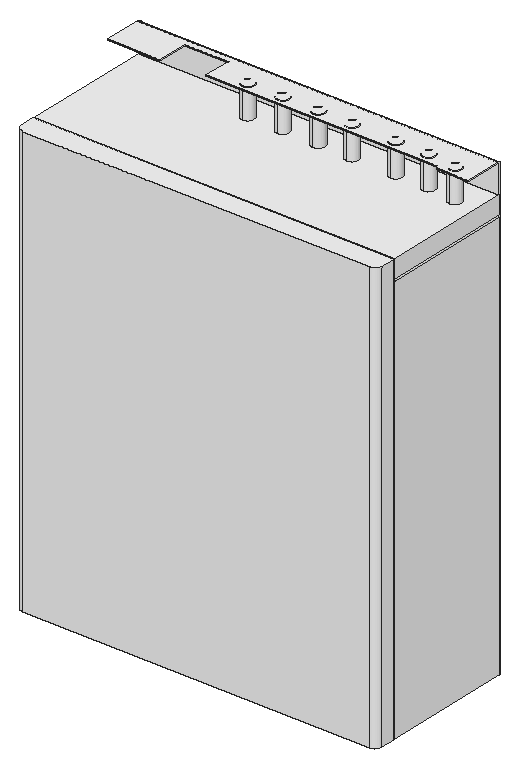
Revit family "NBS_HeatraeSadia_InstntnsWtrHtrsPckgdPltHeatExchngrs_Hi-MaxStoreHeatInterfaceUnit", category Plumbing Fixtures, Revit 2014
Parameters
  Width = 265.00 mm
  Weight = "25"
  WaterStorageCapacity = "0"
  WaterInletTemperatureRange = "n/a"
  WarrantyStartDate [instance] = "1900-12-31T23:59:59"
  WarrantyGuarantorParts = "n/a"
  WarrantyGuarantorLabor = "n/a"
  WarrantyDurationUnit = "year"
  WarrantyDurationParts = "2"
  WarrantyDurationLabor = "2"
  WarrantyDescription = "n/a"
  WFU = 0
  Version = "1"  # constant formula
  Uniclass2015Version = "Products v1.1"  # constant formula
  Uniclass2015Reference = "Pr_60_60_38_42"
  Uniclass2015Description = "Instantaneous plate heat exchangers"
  TagNumber [instance] = "n/a"
  SustainabilityPerformance = "n/a"
  Size = "845 x 620 x 220 mm"
  Shape = "n/a"
  SerialNumber [instance] = "n/a"
  SecondaryPeakFlowRate = "n/a"
  SecondaryOutlets = "n/a"
  SecondaryMedium = "Water"
  SecondaryFeed = "n/a"
  SafetyFeatures = "Central heating safety valve with tundish"
  Revision = "n/a"
  ReplacementCost = "n/a"
  Rating = "Heat exchanger: 13.40 kW"
  ProductInformation = "www.elsonhotwater.co.uk/documents/Heat_Interface_Units_-_Issue_2.pdf"
  PrimaryPressure = "n/a"
  PrimaryMedium = "Medium temperature hot water"
  PrimaryFlowRate = "575 L/hour"
  PressureRating = "3-10 bar"
  PartialLoadEfficiencyCurves = "n/a"
  PackageUnit = "Heat interface unit with plate heat exchanger and one heating zone"
  OutletTemperatureRange = "90"
  OperatingMode = "n/a"
  NominalWidth = 220.00 mm
  NominalPartLoadRatio = 0.00 mm
  NominalLength = 620.00 mm
  NominalHeight = 845.00 mm
  NominalEnergyConsumption = 0.00 mm
  NominalEfficiency = 0
  Name = "InstantaneousWaterHeatersPackagedPlateHeatExchangers_Hi-MaxStoreHeatInterfaceUnit-CB-1Z_HeatraeSadia"
  NBSTypeID = "n/a"
  NBSReference = "90-15-35/420"
  NBSOfficeMasterTag = "n/a"
  NBSNote = "n/a"
  NBSDescription = "Instantaneous water heaters, packaged plate heat exchangers"
  NBSCertification = "http://www.nationalbimlibrary.com/cert/40film3y"
  MountingHeight [instance] = 1500.00 mm
  ModelReference = "Hi-Max Store Heat Interface Unit - CB-1Z"
  ModelNumber = "95:050:203"
  Material = "n/a"
  ManufacturerURL = "www.heatraesadia.com"
  ManufacturerName = "Heatrae Sadia"  # constant formula
  Manufacturer = "specifier@heatraesadia.com"  # constant formula
  Length = 620.00 mm
  IsWaterStorageHeater = no
  InstallationDate [instance] = "1900-12-31T23:59:59"
  IfcExportType = "WATER"  # constant formula
  IfcExportAs = "IfcBoilerType"  # constant formula
  Height = 791.70 mm
  HeatTransferSurfaceArea = "n/a"
  HeatOutput = 0
  HeatInterfaceUnitMaterial = NBS_Concept
  HWFU = 0
  Grade = "n/a"
  Fixing = "Wall fixed"
  Finish = "n/a"
  Features = "Compact design, no need for boiler flues, suitable for single and dual zone heating systems, scale reducing feature"
  ExpectedLife = "n/a"
  EnvironmentalProductDeclaration = "n/a"
  DurationUnit = "year"
  Description = "Heat interface unit"
  Constituents = "n/a"
  Connections = "¾\" BSP male"
  Color = "n/a"
  CodePerformance = "n/a"
  ClearanceZone [instance] = no
  CentralHeatingExpansionVesselVolume = "8 L"
  Category = "n/a"
  CWFU = 0
  BarCode [instance] = "n/a"
  BIMObjectName = "NBS_HeatraeSadia_InstantaneousWaterHeatersPackagedPlateHeatExchangers_Hi-MaxStoreHeatInterfaceUnit-CB-1Z"
  Author = "NBS"  # constant formula
  AssetType = "Fixed"
  AssetIdentifier [instance] = "n/a"
  Arrangement = "Instantaneous"
  Accessories = "First fix rail, Programmable room thermostat with DHW time control, Outer casing"
  AccessibilityPerformance = "n/a"
Types (5, lengths in mm): name | Weight | PackageUnit | Name | ModelReference | BIMObjectName | Accessories
  (no name) | "25" | "Heat interface unit with plate heat exchanger and one heating zone" | "InstantaneousWaterHeatersPackagedPlateHeatExchangers_Hi-MaxStoreHeatInterfaceUnit-CB-1Z_HeatraeSadia" | "Hi-Max Store Heat Interface Unit - CB-1Z" | "NBS_HeatraeSadia_InstantaneousWaterHeatersPackagedPlateHeatExchangers_Hi-MaxStoreHeatInterfaceUnit-CB-1Z" | "First fix rail, Programmable room thermostat with DHW time control, Outer casing"
  CB-1Z | "25" | "Heat interface unit with plate heat exchanger and one heating zone" | "InstantaneousWaterHeatersPackagedPlateHeatExchangers_Hi-MaxStoreHeatInterfaceUnit-CB-1Z_HeatraeSadia" | "Hi-Max Store Heat Interface Unit - CB-1Z" | "NBS_HeatraeSadia_InstantaneousWaterHeatersPackagedPlateHeatExchangers_Hi-MaxStoreHeatInterfaceUnit-CB-1Z" | "First fix rail, Programmable room thermostat with DHW time control, Outer casing"
  CB-1Z-DC | "26" | "Heat interface unit with plate heat exchanger and one heating zone with a district control valve" | "InstantaneousWaterHeatersPackagedPlateHeatExchangers_Hi-MaxStoreHeatInterfaceUnit-CB-1Z-DC_HeatraeSadia" | "Hi-Max Store Heat Interface Unit - CB-1Z-DC" | "NBS_HeatraeSadia_InstantaneousWaterHeatersPackagedPlateHeatExchangers_Hi-MaxStoreHeatInterfaceUnit-CB-1Z-DC" | "First fix rail, Programmable room thermostat with DHW time control, Outer casing"
  CB-2Z | "26" | "Heat interface unit with plate heat exchanger and two heating zones" | "InstantaneousWaterHeatersPackagedPlateHeatExchangers_Hi-MaxStoreHeatInterfaceUnit-CB-2Z_HeatraeSadia" | "Hi-Max Store Heat Interface Unit - CB-2Z" | "NBS_HeatraeSadia_InstantaneousWaterHeatersPackagedPlateHeatExchangers_Hi-MaxStoreHeatInterfaceUnit-CB-2Z" | "First fix rail, Programmable room thermostat with DHW time control, Programmable room thermostat for second heating zone 2, Outer casing"
  CB-2Z-DC | "27" | "Heat interface unit with plate heat exchanger and two heating zones with a district control valve" | "InstantaneousWaterHeatersPackagedPlateHeatExchangers_Hi-MaxStoreHeatInterfaceUnit-CB-2Z-DC_HeatraeSadia" | "Hi-Max Store Heat Interface Unit - CB-2Z-DC" | "NBS_HeatraeSadia_InstantaneousWaterHeatersPackagedPlateHeatExchangers_Hi-MaxStoreHeatInterfaceUnit-CB-2Z-DC" | "First fix rail, Programmable room thermostat with DHW time control, Programmable room thermostat for second heating zone 2, Outer casing"
Reference planes
  plane 1 "Center (Front/Back)": y = 0
  plane 2: z = 0
  plane 3 "Center (Left/Right)": x = 0
  plane 4: x = -310
  plane 5: x = 310
  plane 6: y = -265
  plane 7: z = 1500
  plane 8: z = 2240
  plane 9: z = 1334.41
  plane 10: y = -226.5
  plane 11: y = -44.5
  plane 12: x = -79.614
  plane 13: x = 20.366
  plane 14: z = 2291.7
  plane 15: z = 1505
  plane 16: z = 2210
  plane 17: z = 2290.2
  plane 18: x = -345
  plane 19: x = 345
  plane 20: z = 1465
  plane 21: z = 2326.7
  plane 22: y = -300
Forms (mm)
  Extrusion 1, solid, material "NBS_Concept" <- "HeatInterfaceUnitMaterial", detail levels medium+fine
    sketch origin (0, 0, 0) x (1, 0, 0) y (0, 1, 0)
      loop
        arc (-310, -253) -> (-306.485, -261.485) -> (-298, -265) r 12
        line (-298, -265) -> (298, -265)
        arc (298, -265) -> (306.485, -261.485) -> (310, -253.015) r 12
        line (310, -253.015) -> (310, -228.5)
        arc (310, -228.5) -> (309.414, -227.086) -> (308, -226.5) r 2
        line (308, -226.5) -> (-308, -226.5)
        arc (-308, -226.5) -> (-309.416, -227.088) -> (-310, -228.506) r 2
        line (-310, -228.506) -> (-310, -253)
    from 1500 to 2240
  Extrusion 2, solid, material "NBS_Concept" <- "HeatInterfaceUnitMaterial", detail levels medium+fine
    sketch origin (0, 0, 0) x (1, 0, 0) y (0, 1, 0)
      loop
        line (-310, -1.5) -> (-310, -226.5) -> (310, -226.5) -> (310, -1.5) -> (-310, -1.5)
    from 2240 to 2210
  Extrusion 3, solid, material "NBS_Concept" <- "HeatInterfaceUnitMaterial", detail levels medium+fine
    sketch origin (0, 0, 0) x (1, 0, 0) y (0, 0, 1)
      loop
        line (305, 2210) -> (-305, 2210)
        arc (-305, 2210) -> (-308.536, 2208.536) -> (-310, 2205) r 5
        line (-310, 2205) -> (-310, 1500) -> (310, 1500) -> (310, 2205)
        arc (310, 2205) -> (308.536, 2208.536) -> (305, 2210) r 5
    from 1.5 to 226.5
  Extrusion 4, solid, material "NBS_Concept" <- "HeatInterfaceUnitMaterial", detail levels fine
    sketch origin (-141.005, -1524, 2240) x (0, -1, 0) y (-1, 0, 0)
      loop
        circle (-1479.5, -53.005) r 11
      loop
        circle (-1479.5, -113.005) r 11
      loop
        circle (-1479.5, -232.415) r 11
      loop
        circle (-1479.5, -174.325) r 11
      loop
        circle (-1479.5, -307.685) r 11
      loop
        circle (-1479.5, -364.005) r 11
      loop
        circle (-1474, -414.005) r 11
    from -51.7 to 0
  Extrusion 5, solid, not visible
    sketch origin (-141.005, -1662.249, 2240) x (0, -1, 0) y (-1, 0, 0)
      loop
        circle (-1440.143, -123.988) r 11
    from 735 to 740
  Extrusion 6, solid, material "NBS_Concept" <- "HeatInterfaceUnitMaterial", detail levels coarse
    sketch origin (-141.005, -1524, 2240) x (0, -1, 0) y (-1, 0, 0)
      loop
        line (-1297.5, 168.995) -> (-1297.5, -451.005) -> (-1259, -451.005) -> (-1259, 168.995) -> (-1297.5, 168.995)
    from 0 to 740
  Extrusion 7, solid, material "NBS_Concept" <- "HeatInterfaceUnitMaterial", detail levels medium+fine
    sketch origin (0, 0, 0) x (0, 1, 0) y (0, 0, 1)
      loop
        line (-3, 2291.7) -> (-68.5, 2291.7) -> (-68.5, 2290.2) -> (-3, 2290.2)
        arc (-3, 2290.2) -> (-1.939, 2289.761) -> (-1.5, 2288.7) r 1.5
        line (-1.5, 2288.7) -> (-1.5, 1500) -> (0, 1500) -> (0, 2288.7)
        arc (0, 2288.7) -> (-0.879, 2290.822) -> (-3, 2291.7) r 3
    from -310 to 310
  Extrusion 8, solid, material "NBS_Concept", detail levels coarse
    sketch origin (0, 0, 0) x (0, 1, 0) y (0, 0, 1)
      loop
        line (-226.5, 2240) -> (-226.5, 1500) -> (0, 1500) -> (0, 2291.7) -> (-68.5, 2291.7) -> (-68.5, 2290.2) -> (-1.5, 2290.2) -> (-1.5, 2240) -> (-226.5, 2240)
    from -310 to 310
  Extrusion 9, void
    sketch origin (-141.005, -1524, 2240) x (0, -1, 0) y (-1, 0, 0)
      loop
        line (-1455.5, 78.995) -> (-1509, 78.995) -> (-1509, 3.995) -> (-1461, 3.995) -> (-1461, -393.882) -> (-1455.5, -397.057) -> (-1455.5, -451.005) -> (-1450.5, -451.005) -> (-1450.5, 83.995) -> (-1455.5, 83.995) -> (-1455.5, 78.995)
    from -51.7 to -50.2
  Extrusion 10, solid, material "NBS_Concept", not visible, detail levels coarse
    sketch origin (-141.005, -1524, 2240) x (0, -1, 0) y (-1, 0, 0)
      loop
        circle (-1471.047, 42.795) r 15
    from 0 to 30
  Extrusion 11, solid, material "NBS_ClearanceZone", visible <- "ClearanceZone"
    sketch origin (52.886, 110.249, 1200) x (-1, 0, 0) y (0, 0, 1)
      loop
        line (397.886, 1126.7) -> (-292.114, 1126.7) -> (-292.114, 265) -> (397.886, 265) -> (397.886, 1126.7)
    from -410.249 to -110.249
Cuts and joins
  Extrusion 9 cuts Extrusion 7
Dimensions and locks
  "Height": plane 14 to plane 7
  plane 8 to plane 7 = 740.00 mm
  locked: plane 15 to plane 7 at 5
  "MountingHeight": plane 7 to level
  equal spacing: plane 4, plane 3 "Center (Left/Right)", plane 5
  "Length": plane 4 to plane 5
  locked: plane 10 to plane 6 at 38.5
  "Width": plane 1 "Center (Front/Back)" to plane 6
  locked: plane 16 to plane 8 at 30
  plane 8 to plane 14 = 51.70 mm
  locked: plane 14 to plane 17 at 1.5
  locked: plane 11 to plane 1 "Center (Front/Back)" at 44.5
  locked: plane 6 to Extrusion 5 sketch curve at 42.894
  locked: Extrusion 5 sketch curve to plane 3 "Center (Left/Right)" at 17.016
  locked: plane 18 to plane 4 at 35
  locked: plane 5 to plane 19 at 35
  locked: plane 21 to plane 14 at 35
  locked: plane 7 to plane 20 at 35
  locked: plane 6 to plane 22 at 35
  aligned and locked: level to plane 2
  aligned and locked: plane 7 to Extrusion 1
  aligned and locked: Extrusion 1 to plane 8
  aligned and locked: plane 10 to Extrusion 3
  aligned and locked: plane 8 to Extrusion 4
  aligned and locked: Extrusion 4 to plane 14
  aligned and locked: plane 7 to Extrusion 5
  aligned and locked: plane 15 to Extrusion 5
  aligned and locked: Extrusion 6 to plane 8
  aligned and locked: plane 7 to Extrusion 6
  aligned and locked: Extrusion 2 to plane 8
  aligned and locked: plane 16 to Extrusion 2
  aligned and locked: Extrusion 3 sketch curve to plane 16
  aligned and locked: plane 4 to Extrusion 7
  aligned and locked: Extrusion 7 to plane 5
  aligned and locked: plane 14 to Extrusion 7 sketch curve
  aligned and locked: Extrusion 8 sketch curve to plane 14
  aligned and locked: Extrusion 8 sketch curve to plane 1 "Center (Front/Back)"
  aligned and locked: Extrusion 8 sketch curve to plane 8
  aligned and locked: plane 10 to Extrusion 8 sketch curve
  aligned and locked: plane 7 to Extrusion 8 sketch curve
  aligned and locked: plane 4 to Extrusion 8
  aligned and locked: Extrusion 8 to plane 5
  aligned and locked: Extrusion 3 to Extrusion 7
  aligned and locked: Extrusion 9 to plane 14
  aligned and locked: plane 17 to Extrusion 9
  aligned and locked: plane 11 to Extrusion 4 sketch curve  (x6)
  aligned and locked: Extrusion 10 to plane 8
  aligned and locked: plane 16 to Extrusion 10
  aligned and locked: plane 20 to Extrusion 11 sketch curve
  aligned and locked: plane 18 to Extrusion 11 sketch curve
  aligned and locked: Extrusion 11 sketch curve to plane 21
  aligned and locked: Extrusion 11 sketch curve to plane 19
  aligned and locked: Extrusion 11 to plane 1 "Center (Front/Back)"
  aligned and locked: plane 22 to Extrusion 11
Automatic sketch dimensions
  Extrusion 1 sketch curve to plane 4 = 0.00 mm
  plane 10 to Extrusion 1 sketch curve = 0.00 mm
  plane 6 to Extrusion 1 sketch curve = 0.00 mm
  Extrusion 1 sketch curve to plane 5 = 0.00 mm
  Extrusion 1 sketch curve to plane 4 = 2.00 mm
  Extrusion 1 sketch curve to plane 4 = 12.00 mm
  plane 5 to Extrusion 1 sketch curve = 12.00 mm
  plane 5 to Extrusion 1 sketch curve = 2.00 mm
  Extrusion 1 sketch curve to Extrusion 1 sketch curve = 12.00 mm
  plane 10 to Extrusion 1 sketch curve = 2.006 mm
  plane 10 to Extrusion 1 sketch curve = 2.00 mm
  Extrusion 1 sketch curve to Extrusion 1 sketch curve = 0.015 mm  (x2)
  Extrusion 2 sketch curve to plane 4 = 0.00 mm
  Extrusion 2 sketch curve to plane 5 = 0.00 mm
  Extrusion 6 sketch curve to plane 5 = 0.00 mm
  plane 10 to Extrusion 6 sketch curve = 0.00 mm
  Extrusion 6 sketch curve to plane 4 = 0.00 mm
  plane 6 to Extrusion 6 sketch curve = 0.00 mm
  plane 1 "Center (Front/Back)" to Extrusion 2 sketch curve = 1.50 mm
  plane 10 to Extrusion 2 sketch curve = 0.00 mm
  plane 4 to Extrusion 3 sketch curve = 0.00 mm
  plane 5 to Extrusion 3 sketch curve = 0.00 mm
  Extrusion 3 sketch curve to plane 7 = 0.00 mm
  Extrusion 3 sketch curve to plane 4 = 5.00 mm
  plane 5 to Extrusion 3 sketch curve = 5.00 mm
  plane 7 to Extrusion 7 sketch curve = 0.00 mm
  Extrusion 7 sketch curve to plane 1 "Center (Front/Back)" = 0.00 mm
  plane 14 to Extrusion 7 sketch curve = 1.50 mm
  Extrusion 7 sketch curve to Extrusion 7 sketch curve = 65.50 mm
  Extrusion 7 sketch curve to Extrusion 7 sketch curve = 0.00 mm  (x2)
  Extrusion 7 sketch curve to Extrusion 7 sketch curve = 1.50 mm
  plane 14 to Extrusion 8 sketch curve = 1.50 mm
  plane 1 "Center (Front/Back)" to Extrusion 8 sketch curve = 68.50 mm
  plane 1 "Center (Front/Back)" to Extrusion 8 sketch curve = 1.50 mm
  Extrusion 9 sketch curve to plane 5 = 0.00 mm
  plane 1 "Center (Front/Back)" to Extrusion 9 sketch curve = 15.00 mm
  Extrusion 9 sketch curve to Extrusion 9 sketch curve = 48.00 mm
  Extrusion 9 sketch curve to Extrusion 9 sketch curve = 5.50 mm
  Extrusion 9 sketch curve to Extrusion 9 sketch curve = 53.50 mm
  Extrusion 9 sketch curve to Extrusion 9 sketch curve = 5.00 mm  (x2)
  plane 5 to Extrusion 9 sketch curve = 53.947 mm
  Extrusion 9 sketch curve to Extrusion 9 sketch curve = 3.175 mm
  Extrusion 9 sketch curve to plane 3 "Center (Left/Right)" = 145.00 mm
  Extrusion 9 sketch curve to Extrusion 9 sketch curve = 75.00 mm
  Extrusion 4 sketch curve to plane 11 = 5.50 mm
  plane 12 to Extrusion 4 sketch curve = 8.386 mm
  Extrusion 4 sketch curve to plane 3 "Center (Left/Right)" = 28.00 mm
  plane 13 to Extrusion 4 sketch curve = 12.954 mm
  Extrusion 4 sketch curve to Extrusion 4 sketch curve = 58.09 mm
  Extrusion 4 sketch curve to Extrusion 4 sketch curve = 75.27 mm
  Extrusion 4 sketch curve to Extrusion 4 sketch curve = 56.32 mm
  plane 5 to Extrusion 4 sketch curve = 37.00 mm
  plane 1 "Center (Front/Back)" to Extrusion 10 sketch curve = 52.953 mm
  Extrusion 10 sketch curve to plane 4 = 126.20 mm
  radius of Extrusion 4 sketch curve = 11.00 mm  (x7)
  radius of Extrusion 10 sketch curve = 15.00 mm
  radius of Extrusion 5 sketch curve = 11.00 mm
Connectors
  electrical at (-183.8, -52.953, 2240)
    settings: on Extrusion 10, index 9, voltage 0 V, apparent load 0 VA, apparent load phase1 0 VA, apparent load phase2 0 VA, apparent load phase3 0 VA, power factor 1, load classification "Other", number of poles 1, system type 31, power factor state 1, is connector primary yes, connector utility no, sub classification motor no, connector description ""
  piping at (-88, -44.5, 2291.7), diameter 22, driven by "HWFU"
    settings: on Extrusion 4, index 10, connector inside diameter 609.6 mm, connector length 0.00 mm, flow factor 0, pipe flow 0.0 L/s, pressure drop 0.0 Pa, fitting loss kfactor 0, connector angle 0.00°, fixture units 0, engagement length 0.00 mm, angle of deflection 0.00°, flow configuration 3, flow direction 2, fitting loss method 0, system type 19, joint type 0, gender type 0, connector reference index -1, connector utility 0, adjustable connector no, is connector primary yes, connector description "District Heating Flow"
  piping at (-28, -44.5, 2291.7), diameter 22, driven by "HWFU"
    settings: on Extrusion 4, index 11, connector inside diameter 609.6 mm, connector length 0.00 mm, flow factor 0, pipe flow 0.0 L/s, pressure drop 0.0 Pa, fitting loss kfactor 0, connector angle 0.00°, fixture units 0, engagement length 0.00 mm, angle of deflection 0.00°, flow configuration 3, flow direction 1, fitting loss method 0, system type 8, joint type 0, gender type 0, connector reference index -1, connector utility 0, adjustable connector no, is connector primary no, connector description "District Heating Return"
  piping at (33.32, -44.5, 2291.7), diameter 22, driven by "HWFU"
    settings: on Extrusion 4, index 12, connector inside diameter 609.6 mm, connector length 0.00 mm, flow factor 0, pipe flow 0.0 L/s, pressure drop 0.0 Pa, fitting loss kfactor 0, connector angle 0.00°, fixture units 0, engagement length 0.00 mm, angle of deflection 0.00°, flow configuration 3, flow direction 1, fitting loss method 0, system type 19, joint type 0, gender type 0, connector reference index -1, connector utility 0, adjustable connector no, is connector primary no, connector description "Primary Return"
  piping at (91.41, -44.5, 2291.7), diameter 22, driven by "CWFU"
    settings: on Extrusion 4, index 13, connector inside diameter 609.6 mm, connector length 0.00 mm, flow factor 0, pipe flow 0.0 L/s, pressure drop 0.0 Pa, fitting loss kfactor 0, connector angle 0.00°, fixture units 0, engagement length 0.00 mm, angle of deflection 0.00°, flow configuration 3, flow direction 1, fitting loss method 0, system type 8, joint type 0, gender type 0, connector reference index -1, connector utility 0, adjustable connector no, is connector primary no, connector description "Central Heating Return"
  piping at (166.68, -44.5, 2291.7), diameter 22
    settings: on Extrusion 4, index 14, connector inside diameter 609.6 mm, connector length 0.00 mm, flow factor 0, pipe flow 0.0 L/s, pressure drop 0.0 Pa, fitting loss kfactor 0, connector angle 0.00°, fixture units 0, engagement length 0.00 mm, angle of deflection 0.00°, flow configuration 3, flow direction 2, fitting loss method 0, system type 7, joint type 0, gender type 0, connector reference index -1, connector utility 0, adjustable connector no, is connector primary no, connector description "Central Heating Flow"
  piping at (223, -44.5, 2291.7), diameter 22
    settings: on Extrusion 4, index 15, connector inside diameter 609.6 mm, connector length 0.00 mm, flow factor 0, pipe flow 0.0 L/s, pressure drop 0.0 Pa, fitting loss kfactor 0, connector angle 0.00°, fixture units 0, engagement length 0.00 mm, angle of deflection 0.00°, flow configuration 3, flow direction 2, fitting loss method 0, system type 7, joint type 0, gender type 0, connector reference index -1, connector utility 0, adjustable connector no, is connector primary no, connector description "Central Heating Flow"
  piping at (273, -50, 2291.7), diameter 22, driven by "HWFU"
    settings: on Extrusion 4, index 16, connector inside diameter 609.6 mm, connector length 0.00 mm, flow factor 0, pipe flow 0.0 L/s, pressure drop 0.0 Pa, fitting loss kfactor 0, connector angle 0.00°, fixture units 0, engagement length 0.00 mm, angle of deflection 0.00°, flow configuration 3, flow direction 2, fitting loss method 0, system type 19, joint type 0, gender type 0, connector reference index -1, connector utility 0, adjustable connector no, is connector primary no, connector description "Primary Flow"
  electrical at (-183.8, -52.953, 2240)
    settings: on Extrusion 10, index 17, voltage 0 V, apparent load 0 VA, apparent load phase1 0 VA, apparent load phase2 0 VA, apparent load phase3 0 VA, power factor 1, load classification "Other", number of poles 1, system type 31, power factor state 1, is connector primary no, connector utility no, sub classification motor no, connector description ""
  piping at (-17.016, -222.106, 1500), diameter 22, driven by "WFU"
    settings: on Extrusion 5, index 18, connector inside diameter 609.6 mm, connector length 0.00 mm, flow factor 0, pipe flow 0.0 L/s, pressure drop 0.0 Pa, fitting loss kfactor 0, connector angle 0.00°, fixture units 0, engagement length 0.00 mm, angle of deflection 0.00°, flow configuration 3, flow direction 2, fitting loss method 0, system type 16, joint type 0, gender type 0, connector reference index -1, connector utility 0, adjustable connector no, is connector primary no, connector description "Discharge Pipe"
